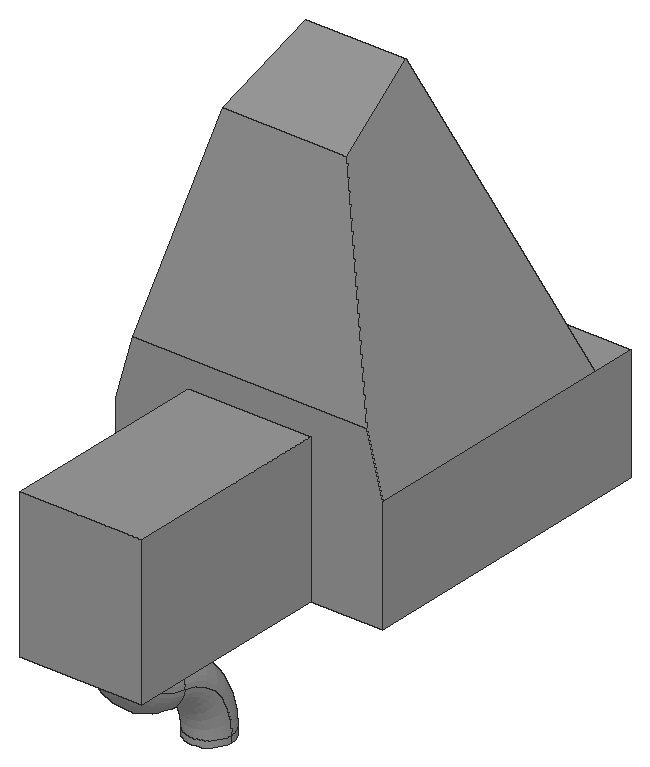
Revit family "Urinal-Willoughby-UW-1412-WO-BS", category Plumbing Fixtures, Revit 2015
Parameters (values of type "Standard")
  Waste DIA = 2"
  Waste Connection = yes
  Vent Connection = no
  URL = "https://www.willoughby-ind.com/wp-content/uploads/2018/01/UW-1412-WO.pdf"
  Revision = "A"
  Model = "UW-1412-WO-BS"
  Manufacturer = "Willoughby Industries"
  HW Connection = no
  Flush Inlet DIA = 3/4"
  Flush Inlet Connection = yes
  Fixture Body = Stainless Steel AISI 304-Willoughby
  Description = "Rear Mounted Wash Out Urinal, Back Spud"
  Default Elevation = 1' - 2"
  Contact Info. = "(800) 428-4065"
  CW Connection = no
Reference planes (in)
  plane 1 "Center (Front/Back)": y = 0
  plane 2: z = 0
  plane 3 "Center (Left/Right)": x = 0
Forms (in)
  Extrusion 1, solid, material "Stainless Steel AISI 304-Willoughby" <- "Fixture Body"
    sketch origin (0, 0, 0) x (1, 0, 0) y (0, 0, 1)
      loop
        line (-6, 4) -> (-6, -1.18554) -> (6, -1.18554) -> (6, 4) -> (-6, 4)
    from -14 to 0
  Extrusion 2, solid, material "Stainless Steel AISI 304-Willoughby" <- "Fixture Body"
    sketch origin (0, 0, -0.06446) x (0, 1, 0) y (0, 0, 1)
      loop
        line (0, 4.06446) -> (11.97238, 4.06446) -> (6, 18) -> (2, 16) -> (0, 6.75) -> (0, 4.06446)
    from -6 to 6
  Extrusion 3, void, detail levels fine
    sketch origin (0, 0, 0) x (1, 0, 0) y (0, 0, 1)
      loop
        line (2.25, 17.93554) -> (6, 4) -> (8.25, 4) -> (8.25, 17.93554) -> (2.25, 17.93554)
    from 0 to -14
  Extrusion 4, void, detail levels fine
    sketch origin (0, 0, 0) x (-1, 0, 0) y (0, 0, -1)
      loop
        line (2.25, -17.93554) -> (8.25, -17.93554) -> (8.25, -4) -> (6, -4) -> (2.25, -17.93554)
    from 0 to -14
  Extrusion 5, void, detail levels fine
    sketch origin (0, 0, 0) x (1, 0, 0) y (0, 0, 1)
      loop
        line (1.77095, 17.31054) -> (-1.77095, 17.31054) -> (-5.35277, 4) -> (5.35277, 4) -> (1.77095, 17.31054)
    from -5.08704 to -12.29395
  Extrusion 6, void
    sketch origin (0, 0, 0) x (1, 0, 0) y (0, 0, 1)
      loop
        line (5.35277, 4) -> (-5.35277, 4) -> (-5.35277, 1) -> (5.35277, 1) -> (5.35277, 4)
    from -5.08704 to -12.29395
  Extrusion 7, solid, material "Stainless Steel AISI 304-Willoughby" <- "Fixture Body"
    sketch origin (0, 0, -1.18554) x (0, 1, 0) y (0, 0, 1)
      loop
        line (0, 6.68554) -> (-9.5, 6.68554) -> (-9.5, 0) -> (0, 0) -> (0, 6.68554)
    from -2.75 to 2.75
  Sweep 8, solid, material "Stainless Steel AISI 304-Willoughby" <- "Fixture Body"
    path origin (0, 0, 0) x (0, 1, 0) y (0, 0, 1)
      loop
        arc (-7.74999, -0.0062) -> (-6.93002, -2.15812) -> (-4.89, -3.22652) r 3.25
        arc (-4.89, -3.22652) -> (-3.00501, -4.21486) -> (-2.25, -6.20484) r 3
        line (-2.25, -6.20484) -> (-2.25, -6.5)
    profile origin (0, -2.25, -6.35242) x (1, 0, 0) y (0, 1, 0)
      loop
        circle (0, 0) r 1
  Extrusion 9, solid
    sketch origin (6, 0, -1.18554) x (0, 1, 0) y (1, 0, 0)
      loop
        circle (12.75, -6) r 0.375
    from 0 to -0.5
Cuts and joins
  Extrusion 3, Extrusion 4, Extrusion 5, Extrusion 6 cuts Extrusion 1
  Extrusion 3, Extrusion 4, Extrusion 5, Extrusion 6 cuts Extrusion 2
  joined: Extrusion 1, Extrusion 2
Lines and regions (in)
  symbolic lines
    curve 1: line (6, 0, 0) -> (-6, 0, 0)
    curve 2: line (-6, 0, 0) -> (-6, 14, 0)
    curve 3: line (-6, 14, 0) -> (6, 14, 0)
    curve 4: line (6, 14, 0) -> (6, 0, 0)
    curve 5: line (2.75, 0, 0) -> (2.75, -9.5, 0)
    curve 6: line (2.75, -9.5, 0) -> (-2.75, -9.5, 0)
    curve 7: line (-2.75, -9.5, 0) -> (-2.75, 0, 0)
    curve 14: line (6, 11.97238, 0) -> (2.25, 6, 0)
    curve 15: line (2.25, 6, 0) -> (-2.25, 6, 0)
    curve 16: line (-2.25, 6, 0) -> (-2.78819, 2, 0)
    curve 17: line (-2.78819, 2, 0) -> (2.78819, 2, 0)
    curve 18: line (2.78819, 2, 0) -> (2.25, 6, 0)
    curve 19: line (2.78819, 2, 0) -> (5.27733, 0, 0)
    curve 20: line (-2.78819, 2, 0) -> (-5.27733, 0, 0)
    curve 21: line (-6, 11.97238, 0) -> (-2.25, 6, 0)
    curve 22: line (-6, 0, 0) -> (6, 0, 0)
    curve 23: line (6, 0, 0) -> (6, 0, 4)
    curve 24: line (6, 0, 4) -> (2.25, 0, 17.93554)
    curve 25: line (2.25, 0, 17.93554) -> (-2.25, 0, 17.93554)
    curve 26: line (-2.25, 0, 17.93554) -> (-6, 0, 4)
    curve 27: line (-6, 0, 4) -> (-6, 0, 0)
    curve 32: line (0, -9.5, 0) -> (0, 14, 0)
    curve 33: line (0, 14, 0) -> (0, 14, 4)
    curve 34: line (0, 14, 4) -> (0, 0, 4)
    curve 35: line (0, 11.97238, 4) -> (0, 6, 17.93554)
    curve 36: line (0, 6, 17.93554) -> (0, 2, 15.93554)
    curve 37: line (0, 2, 15.93554) -> (0, 0, 6.68554)
    curve 38: line (0, 0, 6.68554) -> (0, 0, 0)
    curve 39: line (0, 0, 5.5) -> (0, -9.5, 5.5)
    curve 40: line (0, -9.5, 5.5) -> (0, -9.5, 0)
  symbolic lines, detail levels fine
    curve 8: line (-5.35277, 11.97238, 0) -> (-5.35277, 12.29395, 0)
    curve 9: line (-5.35277, 12.29395, 0) -> (5.35277, 12.29395, 0)
    curve 10: line (5.35277, 12.29395, 0) -> (5.35277, 11.97238, 0)
    curve 11: line (5.35277, 11.97238, 0) -> (1.77095, 6.26786, 0)
    curve 12: line (1.77095, 6.26786, 0) -> (-1.77095, 6.26786, 0)
    curve 13: line (-1.77095, 6.26786, 0) -> (-5.35277, 11.97238, 0)
    curve 29: line (5.35277, 0, 4) -> (1.77095, 0, 17.31054)
    curve 30: line (1.77095, 0, 17.31054) -> (-1.77095, 0, 17.31054)
    curve 31: line (-1.77095, 0, 17.31054) -> (-5.35277, 0, 4)
  symbolic lines, detail levels medium+fine
    curve 28: line (6, 0, 4) -> (-6, 0, 4)
Dimensions and locks (in)
  Extrusion 7 to Extrusion 7 = 0' - 5 1/2"
  aligned and locked: cut or joined group of Extrusion 1, Extrusion 2, Extrusion 3, Extrusion 4, Extrusion 5, Extrusion 6 to cut or joined group of Extrusion 1, Extrusion 2, Extrusion 3, Extrusion 4, Extrusion 5, Extrusion 6  (x6)
  aligned and locked: cut or joined group of Extrusion 1, Extrusion 2, Extrusion 3, Extrusion 4, Extrusion 5, Extrusion 6 to Extrusion 7
Connectors (in)
  piping at (0, -2.25, -6.5), diameter 2, driven by "Waste Connection", driven by "Waste DIA"
    settings: on Sweep 8, index 1, connector inside diameter 2", connector length 0' - 0", flow factor 0, pipe flow 0 GPM, pressure drop 0.00 psi, fitting loss kfactor 0, connector angle 0.00°, fixture units 0, engagement length 0' - 0", angle of deflection 0.00°, flow configuration 0, flow direction 2, fitting loss method 0, system type 16, joint type 0, gender type 0, connector reference index -1, connector utility 1, adjustable connector yes, is connector primary yes, connector description "Urinal Waste"
  piping at (0, 12.75, -1.18554), diameter 0.75, driven by "Flush Inlet Connection", driven by "Flush Inlet DIA"
    settings: on Extrusion 9, index 2, connector inside diameter 3/4", connector length 0' - 0", flow factor 0, pipe flow 0 GPM, pressure drop 0.00 psi, fitting loss kfactor 0, connector angle 0.00°, fixture units 0, engagement length 0' - 0", angle of deflection 0.00°, flow configuration 0, flow direction 1, fitting loss method 0, system type 20, joint type 0, gender type 0, connector reference index -1, connector utility 1, adjustable connector no, is connector primary no, connector description "Flush Inlet"
